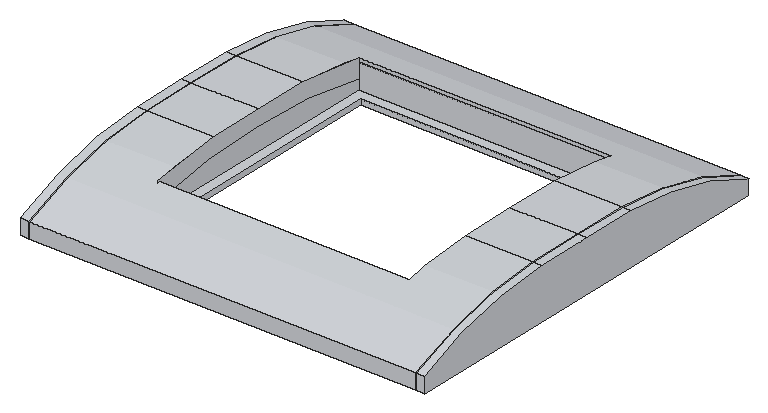
Revit family "Gira_021150", category Electrical Fixtures, host Face, Revit 2017
Family settings
  Host = Face
  Maintain Annotation Orientation = No
  Round Connector Dimension = Use Diameter
  Part Type = Normal
  Cut with Voids When Loaded = No
  Shared = No
  Room Calculation Point = No
Parameters (values of type "Cov.fr. 1-g interm.fr. CAl Gira Event Opaque white")
  With mounting grid = "No"
  With hinged lid = "No"
  URL = "http://katalog.gira.de/en/datenblatt.html?artikelnr=021150"
  Type of fastening = "Clamp mounting"
  Transparent = "No"
  Surface protection = "Other"
  Suitable for wall duct = "No"
  Suitable for flush-mounted installation = "Yes"
  Suitable for floor box = "No"
  Suitable for built-in installation = "No"
  Number of units vertical = "1"
  Number of units horizontal = "1"
  Number of units = "1"
  Name = "Cov.fr. 1-g interm.fr. CAl Gira Event Opaque white"
  Mounting direction = "Horizontal and vertical"
  Material quality = "Thermoplastic"
  Material = "Plastic"
  Manufacturer URL = "https://www.gira.de/"
  Manufacturer = "Gira"
  Label space/information surface = "No"
  Keynote = ""
  HeinzeBIM = "https://bimportal.heinze.de/bim/cov-fr-1-g-interm-fr-cal-gira-event-opaque-white/2d9eecc3b5cf3025151306ad95f51279970bc487"
  Halogen free = "Yes"
  HAN = "021150"
  GTIN = "4010337211501"
  Description = "Cov.fr.1g i.fr.CAl EvOp WH,Gira Event Opaque frames,white with colour aluminium intermediate frame,1-gang,Features:,- Shatter-proof."
  Degree of protection (IP) = "IP20"
  Default Elevation = 1219.2 mm
  Data sheet (1) = "https://katalog.gira.de/en/download.html?artikelnr=021150"
  Colour = "White"
  Category = "Cover frame for domestic switching devices"
  BIM (1) = "https://media.stage.bim.site/public/gira/36a6b08/Event_Rahmen_1fach.rfa"
  Available = "No"
Reference planes
  plane 1 "Center (Front/Back)": y = 0
  plane 2: z = 0
  plane 3 "Center (Left/Right)": x = 0
Forms (mm)
  Extrusion 1, solid, detail levels fine
    sketch origin (0, 0, 1.55) x (0, 1, 0) y (0, 0, 1)
      loop
        arc (12.445, 9.683) -> (6.223, 9.833) -> (0, 9.85) r 291.636
        arc (0, 9.85) -> (-6.223, 9.833) -> (-12.445, 9.683) r 291.636
        arc (-12.445, 9.683) -> (-29.14, 7.482) -> (-45, 1.823) r 79.728
        line (-45, 1.823) -> (-45, -1.55) -> (-41.777, -1.55) -> (-41.777, -0.55)
        arc (-41.777, -0.55) -> (-21.205, 4.846) -> (0, 6.467) r 118.15
        arc (0, 6.467) -> (21.205, 4.846) -> (41.777, -0.55) r 118.15
        line (41.777, -0.55) -> (41.777, -1.55) -> (45, -1.55) -> (45, 1.823)
        arc (45, 1.823) -> (29.14, 7.482) -> (12.445, 9.683) r 79.728
    from -43 to 43
  Extrusion 2, void, detail levels fine
    sketch origin (0, 0, 0) x (1, 0, 0) y (0, 1, 0)
      loop
        line (-28, -28) -> (28, -28) -> (28, 28) -> (-28, 28) -> (-28, -28)
    from 2.85 to 12
  Extrusion 3, solid, detail levels coarse
    sketch origin (0, 0, 0) x (1, 0, 0) y (0, 1, 0)
      loop
        line (-45, 45) -> (-45, -45) -> (45, -45) -> (45, 45) -> (-45, 45)
    from 0 to 11.4
  Extrusion 4, solid, detail levels medium
    sketch origin (0, 0, 1.55) x (0, 1, 0) y (0, 0, 1)
      loop
        arc (12.445, 9.683) -> (6.223, 9.833) -> (0, 9.85) r 291.636
        arc (0, 9.85) -> (-6.223, 9.833) -> (-12.445, 9.683) r 291.636
        arc (-12.445, 9.683) -> (-29.14, 7.482) -> (-45, 1.823) r 79.728
        line (-45, 1.823) -> (-45, -1.55) -> (45, -1.55) -> (45, 1.823)
        arc (45, 1.823) -> (29.14, 7.482) -> (12.445, 9.683) r 79.728
    from -45 to 45
  Extrusion 5, solid, detail levels fine
    sketch origin (0, 0, 0) x (0, 1, 0) y (0, 0, 1)
      loop
        arc (45, 3.373) -> (29.14, 9.032) -> (12.445, 11.233) r 79.728
        arc (12.445, 11.233) -> (6.223, 11.383) -> (0, 11.4) r 291.636
        arc (0, 11.4) -> (-6.223, 11.383) -> (-12.445, 11.233) r 291.636
        arc (-12.445, 11.233) -> (-29.14, 9.032) -> (-45, 3.373) r 79.728
        line (-45, 3.373) -> (-45, 0) -> (45, 0) -> (45, 3.373)
    from 43 to 45
  Extrusion 6, solid, detail levels fine
    sketch origin (0, 0, 0) x (0, 1, 0) y (0, 0, -1)
      loop
        line (45, -3.373) -> (45, 0) -> (-45, 0) -> (-45, -3.373)
        arc (-45, -3.373) -> (-29.14, -9.032) -> (-12.445, -11.233) r 79.728
        arc (-12.445, -11.233) -> (-6.223, -11.383) -> (0, -11.4) r 291.636
        arc (0, -11.4) -> (6.223, -11.383) -> (12.445, -11.233) r 291.636
        arc (12.445, -11.233) -> (29.14, -9.032) -> (45, -3.373) r 79.728
    from 43 to 45
  Extrusion 7, solid, detail levels fine
    sketch origin (0, 0, 0) x (1, 0, 0) y (0, 1, 0)
      loop
        line (-25.7, 25.7) -> (-25.7, -25.7) -> (25.7, -25.7) -> (25.7, 25.7) -> (-25.7, 25.7)
      loop
        line (-29.495, 27.895) -> (-29.495, -27.895)
        spline (-29.495, -27.895) -> (-29.486, -28.025) -> (-29.461, -28.154) -> (-29.419, -28.278) -> (-29.361, -28.395) -> (-29.288, -28.504) -> (-29.202, -28.602) -> (-29.104, -28.688) -> (-28.995, -28.761) -> (-28.878, -28.819) -> (-28.754, -28.861) -> (-28.625, -28.886) -> (-28.495, -28.895)
        line (-28.495, -28.895) -> (28.495, -28.895)
        spline (28.495, -28.895) -> (28.625, -28.886) -> (28.754, -28.861) -> (28.878, -28.819) -> (28.995, -28.761) -> (29.104, -28.688) -> (29.202, -28.602) -> (29.288, -28.504) -> (29.361, -28.395) -> (29.419, -28.278) -> (29.461, -28.154) -> (29.486, -28.025) -> (29.495, -27.895)
        line (29.495, -27.895) -> (29.495, 27.895)
        spline (29.495, 27.895) -> (29.486, 28.025) -> (29.461, 28.154) -> (29.419, 28.278) -> (29.361, 28.395) -> (29.288, 28.504) -> (29.202, 28.602) -> (29.104, 28.688) -> (28.995, 28.761) -> (28.878, 28.819) -> (28.754, 28.861) -> (28.625, 28.886) -> (28.495, 28.895)
        line (28.495, 28.895) -> (-28.495, 28.895)
        spline (-28.495, 28.895) -> (-28.625, 28.886) -> (-28.754, 28.861) -> (-28.878, 28.819) -> (-28.995, 28.761) -> (-29.104, 28.688) -> (-29.202, 28.602) -> (-29.288, 28.504) -> (-29.361, 28.395) -> (-29.419, 28.278) -> (-29.461, 28.154) -> (-29.486, 28.025) -> (-29.495, 27.895)
    from 1.673 to 8.5
Cuts and joins
  Extrusion 2 cuts Extrusion 1
  Extrusion 2 cuts Extrusion 7
Dimensions and locks
  aligned and locked: plane 2 to host face
  aligned and locked: level to host face
